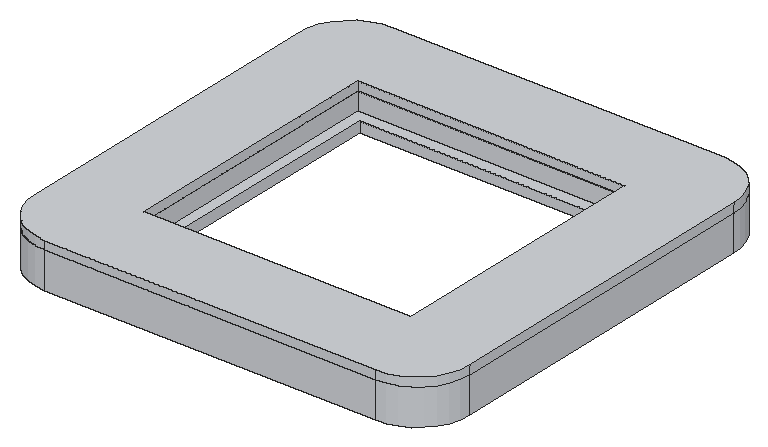
Revit family "Gira_0211412", category Electrical Fixtures, host Face, Revit 2017
Family settings
  Host = Face
  Maintain Annotation Orientation = No
  Round Connector Dimension = Use Diameter
  Part Type = Normal
  Cut with Voids When Loaded = No
  Shared = No
  Room Calculation Point = No
Parameters (values of type "Abdeckrahmen 1f Gira E3 Grau/Reinweiß")
  Werkstoffgüte = "sonstige"
  Werkstoff = "sonstige"
  URL = "http://katalog.gira.de/de_DE/datenblatt.html?artikelnr=0211412"
  Transparent = "No"
  Textfeld/Beschriftungsfläche = "No"
  Schutzart (IP) = "IP20"
  Region = "DE"
  Oberfläche = "sonstige"
  Name = "Abdeckrahmen 1f Gira E3 Grau/Reinweiß"
  Montagerichtung = "horizontal und vertikal"
  Mit Montagerahmen = "No"
  Mit Klappdeckel = "No"
  Manufacturer URL = "https://www.gira.de/"
  Keynote = "E3_Rahmen_1fach"
  HeinzeBIM = "https://bimportal.heinze.de/bim/abdeckrahmen-1f-gira-e3-grau-reinweiss/1fa31a8a93716a843b5f3e32dd543d9e0b60a18a"
  Halogenfrei = "Yes"
  HAN = "0211412"
  Geeignet für Unterputz-Installation = "Yes"
  Geeignet für Unterflurkanaldose = "No"
  Geeignet für Geräteeinbaukanal = "No"
  Geeignet für Einbauinstallation = "No"
  GTIN = "4010337023890"
  Farbe = "grau"
  Default Elevation = 1219.2 mm
  Data sheet (1) = "https://katalog.gira.de/de_DE/download.html?artikelnr=0211412"
  Category = "Abdeckrahmen"
  Befestigungsart = "Klemmbefestigung"
  Available = "Yes"
  Anzahl der Einheiten vertikal = "1 "
  Anzahl der Einheiten horizontal = "1 "
  Anzahl der Einheiten = "1 "
Reference planes
  plane 1 "Center (Front/Back)": y = 0
  plane 2: z = 0
  plane 3 "Center (Left/Right)": x = 0
Forms (mm)
  Extrusion 1, solid, detail levels fine
    sketch origin (0, 0, 0) x (1, 0, 0) y (0, 1, 0)
      loop
        arc (-34.8, 45.809) -> (-42.585, 42.585) -> (-45.809, 34.8) r 11.009
        line (-45.809, 34.8) -> (-45.809, -34.8)
        arc (-45.809, -34.8) -> (-42.585, -42.585) -> (-34.8, -45.809) r 11.009
        line (-34.8, -45.809) -> (34.8, -45.809)
        arc (34.8, -45.809) -> (42.585, -42.585) -> (45.809, -34.8) r 11.009
        line (45.809, -34.8) -> (45.809, 34.8)
        arc (45.809, 34.8) -> (42.585, 42.585) -> (34.8, 45.809) r 11.009
        line (34.8, 45.809) -> (-34.8, 45.809)
      loop
        line (28.187, 28.156) -> (-28.187, 28.156) -> (-28.187, -28.156) -> (28.187, -28.156) -> (28.187, 28.156)
    from 7.65 to 9.5
  Extrusion 2, solid, detail levels fine
    sketch origin (0, 0, 0) x (1, 0, 0) y (0, 1, 0)
      loop
        line (25.7, 25.7) -> (-25.7, 25.7) -> (-25.7, -25.7) -> (25.7, -25.7) -> (25.7, 25.7)
      loop
        line (-28.187, -28.156) -> (28.187, -28.156) -> (28.187, 28.156) -> (-28.187, 28.156) -> (-28.187, -28.156)
    from 1.65 to 3.9
  Extrusion 3, solid, detail levels fine
    sketch origin (0, 0, 0) x (1, 0, 0) y (0, 1, 0)
      loop
        arc (-34.8, 45.809) -> (-42.585, 42.585) -> (-45.809, 34.8) r 11.009
        line (-45.809, 34.8) -> (-45.809, -34.8)
        arc (-45.809, -34.8) -> (-42.585, -42.585) -> (-34.8, -45.809) r 11.009
        line (-34.8, -45.809) -> (34.8, -45.809)
        arc (34.8, -45.809) -> (42.585, -42.585) -> (45.809, -34.8) r 11.009
        line (45.809, -34.8) -> (45.809, 34.8)
        arc (45.809, 34.8) -> (42.585, 42.585) -> (34.8, 45.809) r 11.009
        line (34.8, 45.809) -> (-34.8, 45.809)
      loop
        line (-43.843, 34.785) -> (-43.843, -34.785)
        arc (-43.843, -34.785) -> (-41.19, -41.19) -> (-34.785, -43.843) r 9.058
        line (-34.785, -43.843) -> (34.785, -43.843)
        arc (34.785, -43.843) -> (41.19, -41.19) -> (43.843, -34.785) r 9.058
        line (43.843, -34.785) -> (43.843, 34.785)
        arc (43.843, 34.785) -> (41.19, 41.19) -> (34.785, 43.843) r 9.058
        line (34.785, 43.843) -> (-34.785, 43.843)
        arc (-34.785, 43.843) -> (-41.19, 41.19) -> (-43.843, 34.785) r 9.058
    from 0 to 7.65
  Extrusion 4, solid, detail levels fine
    sketch origin (0, 0, 0) x (1, 0, 0) y (0, 1, 0)
      loop
        line (-27.337, -31.075) -> (27.337, -31.075)
        arc (27.337, -31.075) -> (29.98, -29.98) -> (31.075, -27.337) r 3.739
        line (31.075, -27.337) -> (31.075, 27.337)
        arc (31.075, 27.337) -> (29.98, 29.98) -> (27.337, 31.075) r 3.739
        line (27.337, 31.075) -> (-27.337, 31.075)
        arc (-27.337, 31.075) -> (-29.98, 29.98) -> (-31.075, 27.337) r 3.739
        line (-31.075, 27.337) -> (-31.075, -27.337)
        arc (-31.075, -27.337) -> (-29.98, -29.98) -> (-27.337, -31.075) r 3.739
      loop
        line (-29.925, 27.537) -> (-29.925, -27.537)
        arc (-29.925, -27.537) -> (-29.226, -29.226) -> (-27.537, -29.925) r 2.389
        line (-27.537, -29.925) -> (27.537, -29.925)
        arc (27.537, -29.925) -> (29.226, -29.226) -> (29.925, -27.537) r 2.389
        line (29.925, -27.537) -> (29.925, 27.537)
        arc (29.925, 27.537) -> (29.226, 29.226) -> (27.537, 29.925) r 2.389
        line (27.537, 29.925) -> (-27.537, 29.925)
        arc (-27.537, 29.925) -> (-29.226, 29.226) -> (-29.925, 27.537) r 2.389
    from 1.65 to 7.65
  Extrusion 5, solid, detail levels fine
    sketch origin (0, 0, 0) x (1, 0, 0) y (0, 1, 0)
      loop
        line (-32.053, -39.8) -> (32.053, -39.8)
        arc (32.053, -39.8) -> (37.667, -36.708) -> (39.9, -30.7) r 9.2
        line (39.9, -30.7) -> (39.9, 30.7)
        arc (39.9, 30.7) -> (37.205, 37.205) -> (30.7, 39.9) r 9.2
        line (30.7, 39.9) -> (-30.7, 39.9)
        arc (-30.7, 39.9) -> (-37.205, 37.205) -> (-39.9, 30.7) r 9.2
        line (-39.9, 30.7) -> (-39.9, -30.7)
        arc (-39.9, -30.7) -> (-37.667, -36.708) -> (-32.053, -39.8) r 9.2
      loop
        line (-30.7, -31.7) -> (30.7, -31.7)
        arc (30.7, -31.7) -> (31.407, -31.407) -> (31.7, -30.7) r 1
        line (31.7, -30.7) -> (31.7, 30.7)
        arc (31.7, 30.7) -> (31.407, 31.407) -> (30.7, 31.7) r 1
        line (30.7, 31.7) -> (-30.7, 31.7)
        arc (-30.7, 31.7) -> (-31.407, 31.407) -> (-31.7, 30.7) r 1
        line (-31.7, 30.7) -> (-31.7, -30.7)
        arc (-31.7, -30.7) -> (-31.407, -31.407) -> (-30.7, -31.7) r 1
    from 1.65 to 3.9
  Extrusion 6, solid, detail levels fine
    sketch origin (0, 0, 0) x (1, 0, 0) y (0, 1, 0)
      loop
        line (-28.187, 28.156) -> (-28.187, -28.156) -> (28.187, -28.156) -> (28.187, 28.156) -> (-28.187, 28.156)
      loop
        line (-29.925, 29.925) -> (-29.925, -29.925) -> (29.925, -29.925) -> (29.925, 29.925) -> (-29.925, 29.925)
    from 1.65 to 7.65
  Extrusion 7, solid, detail levels coarse+medium
    sketch origin (0, 0, 0) x (1, 0, 0) y (0, 1, 0)
      loop
        line (-45.809, 45.809) -> (-45.809, -45.809) -> (45.809, -45.809) -> (45.809, 45.809) -> (-45.809, 45.809)
    from 0 to 9.5
Lines and regions (mm)
  reference lines
    curve 1: line (0, 45.809, 0) -> (0, -45.809, 0)
Dimensions and locks
  aligned and locked: plane 2 to host face
  aligned and locked: level to host face
